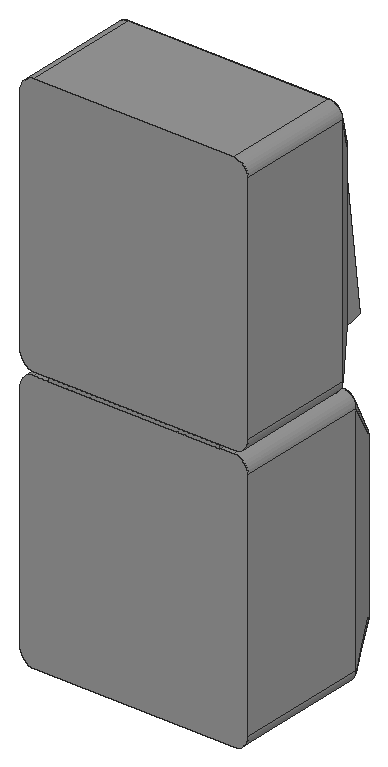
Revit family "IEK_БлокВертикальный_ОткрытойУстановки_Выключатель двухклавишный и розетка одноместная с ЗК 16А IP5", category Электрические приборы, Revit 2019
Family settings
  Сохранять ориентацию аннотаций = Да
  Размер круглого соединителя = Использовать диаметр
  Тип детали = Нормальный
  На основе рабочей плоскости = Нет
  Всегда вертикально = Да
  При загрузке вырезать с полостями = Нет
  Общий = Нет
  Точка расчета площади = Нет
Parameters (values of type "БВб-22-32-ГПБд")
  Ширина = 147 mm  # constant formula
  Тип монтажа = "Поверхность монтажа (открытая установка)"  # constant formula
  Степень защиты = "IP54"  # constant formula
  Материал крышки = Цвет дымчатый
  Изготовитель = "IEK"  # constant formula
  Дата изменения = ""
  Глубина = 52 mm  # constant formula
  Высота = 72 mm  # constant formula
  ΔХ [instance] = 2000 mm
  ΔY [instance] = 2000 mm
  KSI_CPr_Строительные изделия = "27.12.31.000.20.2.02.07-1002"  # constant formula
  KSI_CMa_Строительные материалы = "01.7.14.03"  # constant formula
  IEK_Цена за единицу = 464.23
  IEK_Поиск в таблице имен = ""
  IEK_Описание = "Изделия серии \"ГЕРМЕС PLUS\" используются в помещениях с повышенной влажностью или запыленностью, а также под навесом на открытом воздухе."
  IEK_URL = "https://www.iek.ru/products/catalog/izdeliya_elektroustanovochnye_udliniteli_i_silovye_razemy/elektroustanovochnye_izdeliya/elektroustanovochnye_izdeliya_otkrytogo_montazha_ip44_ip54/elektroustanovochnye_izdeliya_germes_plus/blok_vertikalnyy_dlya_otkrytoy_ustanovki_bvb_22_32_gpbd_vyklyuchatel_2_klavishnyy_rozetka_1_mestnaya_s_zazemlyayushchim_kontaktom_ip54_germes_plus_belyy_dymchatyy_iek"
  ADSK_Ток [instance] = 16 A
  ADSK_Примечание = ""
  ADSK_Полная мощность [instance] = ADSK_Номинальная мощность / ADSK_Коэффициент мощности  # 3520 VA
  ADSK_Позиция [instance] = ""
  ADSK_Номинальная мощность [instance] = ADSK_Ток * ADSK_Напряжение * sqrt(ADSK_Количество фаз числовое) * ADSK_Коэффициент мощности  # 3520 W
  ADSK_Напряжение = 220 V
  ADSK_Наименование = "Блок вертикальный для открытой установки БВб-22-32-ГПБд (Выключатель 2-клавишный + розетка 1-местная с заземляющим контактом) IP54 ГЕРМЕС PLUS (белый/дымчатый) IEK"
  ADSK_Материал обозначение = ""
  ADSK_Материал наименование = "Пластик"  # constant formula
  ADSK_Материал = Цвет белый
  ADSK_Масса = 0.22
  ADSK_Марка = "ГЕРМЕС PLUS"  # constant formula
  ADSK_Коэффициент мощности [instance] = 1  # constant formula
  ADSK_Количество фаз числовое = 1
  ADSK_Количество фаз = 1
  ADSK_Код изделия = "EBVMP20-K03-32-54-EC"
  ADSK_Классификация нагрузок [instance] = Прочее
  ADSK_Завод-изготовитель = "IEK"  # constant formula
  ADSK_Единица измерения = "шт"  # constant formula
  ADSK_Группирование = "III ЭЛЕКТРОУСТАНОВОЧНЫЕ И ЭЛЕКТРОМОНТАЖНЫЕ ИЗДЕЛИЯ"  # constant formula
  ADSK_Версия семейства = "1.0"  # constant formula
  ADSK_Версия Revit = "2019"  # constant formula
  ADSK_URL страницы изделия = "https://www.iek.ru/products/catalog/izdeliya_elektroustanovochnye_udliniteli_i_silovye_razemy/elektroustanovochnye_izdeliya/elektroustanovochnye_izdeliya_otkrytogo_montazha_ip44_ip54/elektroustanovochnye_izdeliya_germes_plus/?pagec=100"
Reference planes
  plane 1 "По центру (Вперед/Назад)": y = 0
  plane 2: z = 0
  plane 3 "По центру (Влево/Вправо)": x = 0
  plane 4 "Высота ножек": z = 280
  plane 5 "Высота": z = 2081.496
  plane 6: x = -2000
  plane 7: y = 2000
Forms (mm)
  Extrusion 1, solid, detail levels coarse
    sketch origin (0, 0, 0) x (1, 0, 0) y (0, 1, 0)
      loop
        line (-36, 0) -> (36, 0) -> (36, 52) -> (-36, 52) -> (-36, 0)
    from 0 to 147
  Extrusion 2, solid, detail levels medium
    sketch origin (0, 0, 0) x (1, 0, 0) y (0, 1, 0)
      loop
        line (-36, 52) -> (-36, 0) -> (36, 0) -> (36, 52) -> (-36, 52)
    from 0 to 147
  Extrusion 3, void
    sketch origin (0, 0, 416.358) x (1, 0, 0) y (0, 0, -1)
      loop
        line (-16.762, 388.822) -> (-16.75, 381.108) -> (-19.37, 381.108)
        arc (-19.37, 381.108) -> (-19.5, 378.858) -> (-19.37, 376.608) r 19.5
        line (-19.37, 376.608) -> (-16.75, 376.608) -> (-16.75, 368.873)
        arc (-16.75, 368.873) -> (0, 359.358) -> (16.75, 368.873) r 19.5
        line (16.75, 368.873) -> (16.75, 376.608) -> (19.37, 376.608)
        arc (19.37, 376.608) -> (19.5, 378.858) -> (19.37, 381.108) r 19.5
        line (19.37, 381.108) -> (16.75, 381.108) -> (16.75, 388.842)
        arc (16.75, 388.842) -> (-0.012, 398.358) -> (-16.762, 388.822) r 19.5
    from 26.4 to 46.099
  Extrusion 4, void
    sketch origin (0, 0, 416.358) x (1, 0, 0) y (0, 0, -1)
      loop
        circle (-9.525, 378.858) r 2.758
      loop
        circle (9.525, 378.858) r 2.758
    from 40.854 to 5.7
  Extrusion 5, solid, material "Цвет белый" <- "ADSK_Материал", detail levels fine
    sketch origin (0, 0, 416.358) x (1, 0, 0) y (0, 0, -1)
      loop
        arc (-32.5, 345.358) -> (-31.328, 342.529) -> (-28.5, 341.358) r 4
        line (-28.5, 341.358) -> (28.5, 341.358)
        arc (28.5, 341.358) -> (31.328, 342.529) -> (32.5, 345.358) r 4
        line (32.5, 345.358) -> (32.5, 412.358)
        arc (32.5, 412.358) -> (31.328, 415.186) -> (28.5, 416.358) r 4
        line (28.5, 416.358) -> (-28.45, 416.358)
        arc (-28.45, 416.358) -> (-31.314, 415.172) -> (-32.5, 412.308) r 4.05
        line (-32.5, 412.308) -> (-32.5, 345.358)
    from 0 to 38.682
  Blend 6, solid, material "Цвет белый" <- "ADSK_Материал", detail levels fine
    base sketch origin (0, 0, 416.358) x (1, 0, 0) y (0, 0, -1)
      loop
        arc (-32.5, 345.358) -> (-31.328, 342.529) -> (-28.5, 341.358) r 4
        line (-28.5, 341.358) -> (28.5, 341.358)
        arc (28.5, 341.358) -> (31.328, 342.529) -> (32.5, 345.358) r 4
        line (32.5, 345.358) -> (32.5, 412.358)
        arc (32.5, 412.358) -> (31.328, 415.186) -> (28.5, 416.358) r 4
        line (28.5, 416.358) -> (-28.5, 416.358)
        arc (-28.5, 416.358) -> (-31.328, 415.186) -> (-32.5, 412.358) r 4
        line (-32.5, 412.358) -> (-32.5, 345.358)
    top sketch origin (0, 0, 416.358) x (1, 0, 0) y (0, 0, -1)
      loop
        arc (-30.1, 355.823) -> (-29.819, 355.146) -> (-29.141, 354.865) r 0.959
        line (-29.141, 354.865) -> (29.141, 354.865)
        arc (29.141, 354.865) -> (29.819, 355.146) -> (30.1, 355.823) r 0.959
        line (30.1, 355.823) -> (30.1, 402.899)
        arc (30.1, 402.899) -> (29.819, 403.577) -> (29.141, 403.858) r 0.959
        line (29.141, 403.858) -> (-29.141, 403.858)
        arc (-29.141, 403.858) -> (-29.819, 403.577) -> (-30.1, 402.899) r 0.959
        line (-30.1, 402.899) -> (-30.1, 355.823)
    from 38.682 to 46.099
  Extrusion 7, void
    sketch origin (0, 0, 417.899) x (1, 0, 0) y (0, 0, -1)
      loop
        line (-28.5, 406.13) -> (-28.5, 344.899)
        arc (-28.5, 344.899) -> (-27.914, 343.485) -> (-26.5, 342.899) r 2
        line (-26.5, 342.899) -> (26.5, 342.899)
        arc (26.5, 342.899) -> (27.914, 343.485) -> (28.5, 344.899) r 2
        line (28.5, 344.899) -> (28.5, 406.13)
        arc (28.5, 406.13) -> (27.914, 407.544) -> (26.5, 408.13) r 2
        line (26.5, 408.13) -> (-26.5, 408.13)
        arc (-26.5, 408.13) -> (-27.914, 407.544) -> (-28.5, 406.13) r 2
      loop
        line (5, 355.399) -> (15.069, 365.773)
        arc (15.069, 365.773) -> (21, 380.399) -> (15.069, 395.025) r 21
        line (15.069, 395.025) -> (5, 405.399) -> (-5, 405.399) -> (-15.069, 395.025)
        arc (-15.069, 395.025) -> (-21, 380.399) -> (-15.069, 365.773) r 21
        line (-15.069, 365.773) -> (-5, 355.399) -> (5, 355.399)
    from 38.682 to 46.099
  Extrusion 8, void
    sketch origin (0, 0, 416.358) x (1, 0, 0) y (0, 0, -1)
      loop
        line (-22.764, 405.858) -> (-22.764, 352.458) -> (22.764, 352.458) -> (22.764, 405.858) -> (14.278, 405.858)
        arc (14.278, 405.858) -> (0, 411.358) -> (-14.278, 405.858) r 21.282
        line (-14.278, 405.858) -> (-22.764, 405.858)
    from 43.6 to 46.099
  Extrusion 9, solid, material "Цвет дымчатый" <- "Материал крышки", detail levels fine
    sketch origin (0, 0, 416.358) x (0, 0, -1) y (0, 1, 0)
      loop
        line (354.865, 46.099) -> (341.358, 38.682) -> (343.138, 38.682) -> (354.865, 45.121) -> (405.858, 45.121) -> (405.858, 46.099) -> (354.865, 46.099)
    from -28 to 28
  Extrusion 10, solid, material "Цвет дымчатый" <- "Материал крышки", detail levels fine
    sketch origin (0, 0, 416.358) x (1, 0, 0) y (0, 0, -1)
      loop
        line (-14.278, 405.858) -> (14.278, 405.858)
        arc (14.278, 405.858) -> (0, 411.358) -> (-14.278, 405.858) r 21.282
    from 45.121 to 46.099
  Extrusion 11, solid, material "Цвет белый" <- "ADSK_Материал", detail levels fine
    sketch origin (0, 0, 340.358) x (1, 0, 0) y (0, 0, -1)
      loop
        arc (-32.5, 193.358) -> (-31.328, 190.529) -> (-28.5, 189.358) r 4
        line (-28.5, 189.358) -> (28.5, 189.358)
        arc (28.5, 189.358) -> (31.328, 190.529) -> (32.5, 193.358) r 4
        line (32.5, 193.358) -> (32.5, 260.358)
        arc (32.5, 260.358) -> (31.328, 263.186) -> (28.5, 264.358) r 4
        line (28.5, 264.358) -> (-28.5, 264.358)
        arc (-28.5, 264.358) -> (-31.328, 263.186) -> (-32.5, 260.358) r 4
        line (-32.5, 260.358) -> (-32.5, 193.358)
    from 0 to 33.882
  Blend 12, solid, material "Цвет белый" <- "ADSK_Материал", detail levels fine
    base sketch origin (0, 0, 340.358) x (1, 0, 0) y (0, 0, -1)
      loop
        arc (-32.5, 193.358) -> (-31.328, 190.529) -> (-28.5, 189.358) r 4
        line (-28.5, 189.358) -> (28.5, 189.358)
        arc (28.5, 189.358) -> (31.328, 190.529) -> (32.5, 193.358) r 4
        line (32.5, 193.358) -> (32.5, 260.358)
        arc (32.5, 260.358) -> (31.328, 263.186) -> (28.5, 264.358) r 4
        line (28.5, 264.358) -> (-28.5, 264.358)
        arc (-28.5, 264.358) -> (-31.328, 263.186) -> (-32.5, 260.358) r 4
        line (-32.5, 260.358) -> (-32.5, 193.358)
    top sketch origin (0, 0, 340.358) x (1, 0, 0) y (0, 0, -1)
      loop
        arc (-28.842, 203.967) -> (-27.846, 201.563) -> (-25.442, 200.567) r 3.4
        line (-25.442, 200.567) -> (25.445, 200.567)
        arc (25.445, 200.567) -> (27.849, 201.563) -> (28.845, 203.967) r 3.4
        line (28.845, 203.967) -> (28.845, 249.749)
        arc (28.845, 249.749) -> (27.849, 252.153) -> (25.445, 253.149) r 3.4
        line (25.445, 253.149) -> (-25.442, 253.149)
        arc (-25.442, 253.149) -> (-27.846, 252.153) -> (-28.842, 249.749) r 3.4
        line (-28.842, 249.749) -> (-28.842, 203.967)
    from 33.882 to 40
  Extrusion 13, solid, material "Цвет белый" <- "ADSK_Материал", detail levels fine
    sketch origin (0, 8.344, 341.626) x (0, 0, -1) y (0, 1, 0)
      loop
        line (253.265, 30.5) -> (251.541, 38.121)
        arc (251.541, 38.121) -> (227.24, 36.271) -> (203.259, 31.933) r 236.751
        line (203.259, 31.933) -> (203.259, 30.5) -> (253.265, 30.5)
    from -27.5 to -0.2
  Extrusion 14, solid, material "Цвет белый" <- "ADSK_Материал", detail levels fine
    sketch origin (0, 0, 378.358) x (1, 0, 0) y (0, 0, -1)
      loop
        line (-24.278, 302.358) -> (24.628, 302.358) -> (24.628, 303.358) -> (-24.278, 303.358) -> (-24.278, 302.358)
    from 0 to 15
  Extrusion 15, void
    sketch origin (0, 0, 378.358) x (1, 0, 0) y (0, 0, -1)
      loop
        arc (28.345, 287.749) -> (27.496, 289.799) -> (25.445, 290.649) r 2.9
        line (25.445, 290.649) -> (-25.442, 290.649)
        arc (-25.442, 290.649) -> (-27.493, 289.799) -> (-28.342, 287.749) r 2.9
        line (-28.342, 287.749) -> (-28.342, 241.967)
        arc (-28.342, 241.967) -> (-27.493, 239.916) -> (-25.442, 239.067) r 2.9
        line (-25.442, 239.067) -> (25.445, 239.067)
        arc (25.445, 239.067) -> (27.496, 239.916) -> (28.345, 241.967) r 2.9
        line (28.345, 241.967) -> (28.345, 287.749)
    from 38.682 to 40
  Extrusion 16, solid, material "Цвет белый" <- "ADSK_Материал", detail levels fine
    sketch origin (0, 8.344, 341.626) x (0, 0, -1) y (0, -1, 0)
      loop
        line (253.265, -30.5) -> (203.259, -30.5) -> (203.259, -31.933)
        arc (203.259, -31.933) -> (227.24, -36.271) -> (251.541, -38.121) r 236.751
        line (251.541, -38.121) -> (253.265, -30.5)
    from -27.5 to -0.2
Cuts and joins
  Extrusion 15 cuts Blend 12
  Extrusion 3, Extrusion 4, Extrusion 7, Extrusion 8 cuts Blend 6
  Extrusion 4 cuts Extrusion 5
Lines and regions (mm)
  reference lines
    curve 1: line (0, 44.647, 0) -> (0, -55.353, 0)
    curve 2: line (-23.829, 0, 0) -> (76.171, 0, 0)
Dimensions and locks
  locked: plane 4 "Высота ножек" to plane 2 at 280
  plane 5 "Высота" to plane 4 "Высота ножек" = 1801.496 mm
  "ΔХ": plane 6 to curve 1
  "ΔY": plane 7 to curve 2
  aligned and locked: level to plane 2
  aligned and locked: curve 2 to nested 1
  aligned and locked: nested 1 to curve 1
Automatic sketch dimensions
  plane 1 "По центру (Вперед/Назад)" to Extrusion 1 sketch curve = 0 mm
  Extrusion 1 sketch curve to plane 3 "По центру (Влево/Вправо)" = 36 mm
  plane 3 "По центру (Влево/Вправо)" to Extrusion 1 sketch curve = 36 mm
  Extrusion 1 sketch curve to Extrusion 1 sketch curve = 52 mm
  plane 1 "По центру (Вперед/Назад)" to Extrusion 2 sketch curve = 0 mm
  Extrusion 2 sketch curve to plane 3 "По центру (Влево/Вправо)" = 36 mm
  plane 3 "По центру (Влево/Вправо)" to Extrusion 2 sketch curve = 36 mm
  Extrusion 2 sketch curve to Extrusion 2 sketch curve = 52 mm
  Extrusion 3 sketch curve to Extrusion 3 sketch curve = 0 mm  (x14)
  Extrusion 3 sketch curve to plane 3 "По центру (Влево/Вправо)" = 0 mm
  Extrusion 3 sketch curve to plane 3 "По центру (Влево/Вправо)" = 16.75 mm
  Extrusion 3 sketch curve to Extrusion 3 sketch curve = 2.62 mm  (x4)
  plane 3 "По центру (Влево/Вправо)" to Extrusion 3 sketch curve = 16.75 mm
  level to Extrusion 3 sketch curve = 47.484 mm
  Extrusion 3 sketch curve to Extrusion 3 sketch curve = 7.734 mm  (x3)
  Extrusion 3 sketch curve to Extrusion 3 sketch curve = 2.25 mm
  Extrusion 3 sketch curve to Extrusion 3 sketch curve = 0.012 mm
  Extrusion 3 sketch curve to Extrusion 3 sketch curve = 0.02 mm
  Extrusion 4 sketch curve to plane 3 "По центру (Влево/Вправо)" = 9.525 mm
  plane 3 "По центру (Влево/Вправо)" to Extrusion 4 sketch curve = 9.525 mm
  level to Extrusion 4 sketch curve = 37.5 mm
  Extrusion 4 sketch curve to Extrusion 4 sketch curve = 0 mm
  Extrusion 5 sketch curve to level = 0 mm
  Extrusion 5 sketch curve to plane 3 "По центру (Влево/Вправо)" = 32.5 mm
  Extrusion 5 sketch curve to Extrusion 5 sketch curve = 4 mm  (x2)
  Extrusion 5 sketch curve to Extrusion 5 sketch curve = 4.05 mm
  plane 3 "По центру (Влево/Вправо)" to Extrusion 5 sketch curve = 28.5 mm  (x2)
  Extrusion 5 sketch curve to Extrusion 5 sketch curve = 67 mm
  Blend 6 sketch curve to level = 0 mm
  Blend 6 sketch curve to plane 3 "По центру (Влево/Вправо)" = 32.5 mm
  Blend 6 sketch curve to Blend 6 sketch curve = 4 mm  (x3)
  plane 3 "По центру (Влево/Вправо)" to Blend 6 sketch curve = 28.5 mm  (x2)
  Blend 6 sketch curve to Blend 6 sketch curve = 67 mm
  Blend 6 sketch curve to plane 3 "По центру (Влево/Вправо)" = 30.1 mm
  Blend 6 sketch curve to Blend 6 sketch curve = 0.959 mm  (x3)
  level to Blend 6 sketch curve = 12.5 mm
  plane 3 "По центру (Влево/Вправо)" to Blend 6 sketch curve = 29.141 mm  (x2)
  Blend 6 sketch curve to Blend 6 sketch curve = 47.076 mm
  Extrusion 7 sketch curve to Extrusion 7 sketch curve = 0 mm  (x2)
  Extrusion 7 sketch curve to plane 3 "По центру (Влево/Вправо)" = 0 mm
  Extrusion 7 sketch curve to plane 3 "По центру (Влево/Вправо)" = 5 mm  (x2)
  Extrusion 7 sketch curve to Extrusion 7 sketch curve = 10.069 mm  (x4)
  level to Extrusion 7 sketch curve = 9.77 mm
  Extrusion 7 sketch curve to Extrusion 7 sketch curve = 11.431 mm  (x4)
  Extrusion 7 sketch curve to Extrusion 7 sketch curve = 2 mm  (x2)
  plane 3 "По центру (Влево/Вправо)" to Extrusion 7 sketch curve = 5 mm  (x2)
  level to Extrusion 7 sketch curve = 12.5 mm
  Extrusion 7 sketch curve to Extrusion 7 sketch curve = 10.374 mm  (x3)
  Extrusion 7 sketch curve to Extrusion 7 sketch curve = 14.626 mm
  Extrusion 7 sketch curve to Extrusion 7 sketch curve = 20.874 mm
  Extrusion 8 sketch curve to plane 3 "По центру (Влево/Вправо)" = 0 mm
  Extrusion 8 sketch curve to plane 3 "По центру (Влево/Вправо)" = 14.278 mm
  Extrusion 8 sketch curve to plane 3 "По центру (Влево/Вправо)" = 22.764 mm
  plane 3 "По центру (Влево/Вправо)" to Extrusion 8 sketch curve = 14.278 mm
  Extrusion 8 sketch curve to Extrusion 8 sketch curve = 8.486 mm
  level to Extrusion 8 sketch curve = 63.9 mm
  level to Extrusion 8 sketch curve = 26.282 mm
  level to Extrusion 8 sketch curve = 10.5 mm
  level to Extrusion 9 sketch curve = 75 mm
  Extrusion 9 sketch curve to Extrusion 9 sketch curve = 1.78 mm
  Extrusion 9 sketch curve to Extrusion 9 sketch curve = 11.727 mm
  Extrusion 9 sketch curve to Extrusion 9 sketch curve = 0 mm
  level to Extrusion 9 sketch curve = 10.5 mm
  Extrusion 9 sketch curve to plane 1 "По центру (Вперед/Назад)" = 38.682 mm
  Extrusion 9 sketch curve to plane 1 "По центру (Вперед/Назад)" = 45.121 mm
  Extrusion 9 sketch curve to Extrusion 9 sketch curve = 0.977 mm
  Extrusion 10 sketch curve to plane 3 "По центру (Влево/Вправо)" = 0 mm
  Extrusion 10 sketch curve to plane 3 "По центру (Влево/Вправо)" = 14.278 mm
  level to Extrusion 10 sketch curve = 26.282 mm
  level to Extrusion 10 sketch curve = 10.5 mm
  Extrusion 11 sketch curve to plane 3 "По центру (Влево/Вправо)" = 32.5 mm
  Extrusion 11 sketch curve to Extrusion 11 sketch curve = 4 mm  (x3)
  plane 3 "По центру (Влево/Вправо)" to Extrusion 11 sketch curve = 28.5 mm  (x2)
  Extrusion 11 sketch curve to plane 4 "Высота ножек" = 129 mm
  Extrusion 11 sketch curve to Extrusion 11 sketch curve = 67 mm
  Blend 12 sketch curve to plane 3 "По центру (Влево/Вправо)" = 32.5 mm
  Blend 12 sketch curve to Blend 12 sketch curve = 4 mm  (x3)
  plane 3 "По центру (Влево/Вправо)" to Blend 12 sketch curve = 28.5 mm  (x2)
  Blend 12 sketch curve to plane 4 "Высота ножек" = 129 mm
  Blend 12 sketch curve to Blend 12 sketch curve = 67 mm
  Blend 12 sketch curve to plane 3 "По центру (Влево/Вправо)" = 28.842 mm
  Blend 12 sketch curve to Blend 12 sketch curve = 3.4 mm  (x3)
  plane 3 "По центру (Влево/Вправо)" to Blend 12 sketch curve = 25.445 mm  (x2)
  level to Blend 12 sketch curve = 139.791 mm
  Blend 12 sketch curve to Blend 12 sketch curve = 45.782 mm
  Extrusion 13 sketch curve to plane 1 "По центру (Вперед/Назад)" = 38.844 mm
  level to Extrusion 13 sketch curve = 138.367 mm
  Extrusion 13 sketch curve to Extrusion 13 sketch curve = 48.282 mm
  Extrusion 13 sketch curve to Extrusion 13 sketch curve = 1.724 mm
  level to Extrusion 13 sketch curve = 84.292 mm
  plane 1 "По центру (Вперед/Назад)" to Extrusion 13 sketch curve = 190.215 mm
  Extrusion 13 sketch curve to Extrusion 13 sketch curve = 1.433 mm
  Extrusion 14 sketch curve to plane 3 "По центру (Влево/Вправо)" = 24.278 mm
  plane 3 "По центру (Влево/Вправо)" to Extrusion 14 sketch curve = 24.628 mm
  level to Extrusion 14 sketch curve = 76 mm
  Extrusion 14 sketch curve to Extrusion 14 sketch curve = 1 mm
  Extrusion 15 sketch curve to plane 3 "По центру (Влево/Вправо)" = 28.342 mm
  Extrusion 15 sketch curve to Extrusion 15 sketch curve = 2.9 mm  (x3)
  plane 3 "По центру (Влево/Вправо)" to Extrusion 15 sketch curve = 25.445 mm  (x2)
  level to Extrusion 15 sketch curve = 139.291 mm
  Extrusion 15 sketch curve to Extrusion 15 sketch curve = 45.782 mm
  Extrusion 16 sketch curve to plane 1 "По центру (Вперед/Назад)" = 38.844 mm
  level to Extrusion 16 sketch curve = 138.367 mm
  Extrusion 16 sketch curve to Extrusion 16 sketch curve = 48.282 mm
  Extrusion 16 sketch curve to Extrusion 16 sketch curve = 1.724 mm
  level to Extrusion 16 sketch curve = 84.292 mm
  Extrusion 16 sketch curve to Extrusion 16 sketch curve = 1.433 mm
  Extrusion 16 sketch curve to Extrusion 16 sketch curve = 7.621 mm
  curve 2 to plane 3 "По центру (Влево/Вправо)" = 23.829 mm
  plane 3 "По центру (Влево/Вправо)" to curve 2 = 76.171 mm
  plane 1 "По центру (Вперед/Назад)" to curve 1 = 55.353 mm
  curve 1 to plane 1 "По центру (Вперед/Назад)" = 44.647 mm
  radius of Extrusion 4 sketch curve = 2.758 mm  (x2)
Nested families
  nested 1: "УГО Розетка+выключатель" at (0, 0, 0), type "2P/2-O", detail levels coarse+medium
    with IP44 yes
Connectors
  electrical at (0, 0, 73.5), driven by "ADSK_Количество фаз", driven by "ADSK_Классификация нагрузок", driven by "ADSK_Напряжение", driven by "ADSK_Полная мощность", driven by "ADSK_Коэффициент мощности"
    settings: on Extrusion 1, index 1, voltage 220 V, apparent load 0 VA, apparent load phase1 3520 VA, apparent load phase2 0 VA, apparent load phase3 0 VA, power factor 1, load classification "Прочее", number of poles 1, system type 31, power factor state 1, is connector primary yes, connector utility no, sub classification motor no, connector description ""
Definition of nested family "УГО Розетка+выключатель"
  Parameters (values of type "2P/2-C")
    IP44 [instance] = no
    2P/2-O = no
    2P/2-C = yes
    2P/1-O = no
    2P/1-C = yes
  Types (4, lengths in mm): name | 2P/2-O | 2P/2-C | 2P/1-O | 2P/1-C
    2P/1-O | no | no | yes | no
    2P/1-C | no | no | no | yes
    2P/2-C | no | yes | no | yes
    2P/2-O | yes | no | yes | no
  Reference planes
    plane 1: y = 0
    plane 2: x = 0
  Lines and regions (mm)
    Filled region 1, type "Цветовая область 1", visible <- "IP44"
      outline origin (0, 0, 0) x (1, 0, 0) y (0, 1, 0)
        loop
          line (-2.5, 0) -> (2.5, 0)
          arc (2.5, 0) -> (0, 2.5) -> (-2.5, 0) r 2.5
    Filled region 2, type "Цветовая область 1", visible <- "IP44", not visible
      outline origin (0, 0, 0) x (1, 0, 0) y (0, 1, 0)
        loop
          line (-2.5, 4.664) -> (2.5, 4.664)
          arc (2.5, 4.664) -> (0, 7.164) -> (-2.5, 4.664) r 2.5
    detail lines
      curve 1: line (-2.5, 0, 0) -> (2.5, 0, 0)
      curve 3: line (0, 2.5, 0) -> (0, 5, 0)
      curve 4: arc (-2.5, 0, 0) -> (0, 2.5, 0) -> (2.5, 0, 0) r 2.5
    detail lines, not visible
      curve 2: line (0, 0, 0) -> (0, 2.5, 0)
      curve 5: line (-2.5, 4.664, 0) -> (2.5, 4.664, 0)
      curve 6: line (0, 4.664, 0) -> (0, 7.164, 0)
      curve 7: line (0, 7.164, 0) -> (0, 9.664, 0)
      curve 8: arc (-2.5, 4.664, 0) -> (0, 7.164, 0) -> (2.5, 4.664, 0) r 2.5
    detail lines, visible <- "2P/2-C"
      curve 9: line (0, 0, 0) -> (0, 2.5, 0)
      curve 15: line (-2.575, 4.286, 0) -> (-1.718, 4.801, 0)
      curve 16: line (-1.288, 2.143, 0) -> (-2.575, 4.286, 0)
    detail lines, visible <- "2P/1-C"
      curve 10: line (0, 0, 0) -> (0, 2.5, 0)
      curve 29: line (2.5, 4.33, 0) -> (3.366, 3.83, 0)
      curve 30: line (1.25, 2.165, 0) -> (2.5, 4.33, 0)
      curve 31: line (2.5, 4.33, 0) -> (3.366, 3.83, 0)
      curve 32: line (1.25, 2.165, 0) -> (2.5, 4.33, 0)
    detail lines, visible <- "2P/2-C", not visible
      curve 11: line (0, 4.664, 0) -> (0, 7.164, 0)
      curve 19: line (-2.575, 8.95, 0) -> (-1.718, 9.465, 0)
      curve 20: line (-1.288, 6.807, 0) -> (-2.575, 8.95, 0)
    detail lines, visible <- "2P/1-C", not visible
      curve 12: line (0, 4.664, 0) -> (0, 7.164, 0)
      curve 33: line (2.5, 8.994, 0) -> (3.366, 8.494, 0)
      curve 34: line (1.25, 6.829, 0) -> (2.5, 8.994, 0)
      curve 35: line (2.5, 8.994, 0) -> (3.366, 8.494, 0)
      curve 36: line (1.25, 6.829, 0) -> (2.5, 8.994, 0)
    detail lines, visible <- "2P/1-O"
      curve 13: line (2.5, 4.33, 0) -> (3.366, 3.83, 0)
      curve 14: line (1.25, 2.165, 0) -> (2.5, 4.33, 0)
      curve 21: line (2.5, 4.33, 0) -> (3.366, 3.83, 0)
      curve 22: line (1.25, 2.165, 0) -> (2.5, 4.33, 0)
    detail lines, visible <- "2P/1-O", not visible
      curve 17: line (2.5, 8.994, 0) -> (3.366, 8.494, 0)
      curve 18: line (1.25, 6.829, 0) -> (2.5, 8.994, 0)
      curve 25: line (2.5, 8.994, 0) -> (3.366, 8.494, 0)
      curve 26: line (1.25, 6.829, 0) -> (2.5, 8.994, 0)
    detail lines, visible <- "2P/2-O"
      curve 23: line (-2.575, 4.286, 0) -> (-1.718, 4.801, 0)
      curve 24: line (-1.288, 2.143, 0) -> (-2.575, 4.286, 0)
    detail lines, visible <- "2P/2-O", not visible
      curve 27: line (-2.575, 8.95, 0) -> (-1.718, 9.465, 0)
      curve 28: line (-1.288, 6.807, 0) -> (-2.575, 8.95, 0)
  Dimensions and locks
    aligned and locked: Filled region 1 sketch curve to curve 4
    aligned and locked: Filled region 2 sketch curve to curve 8
